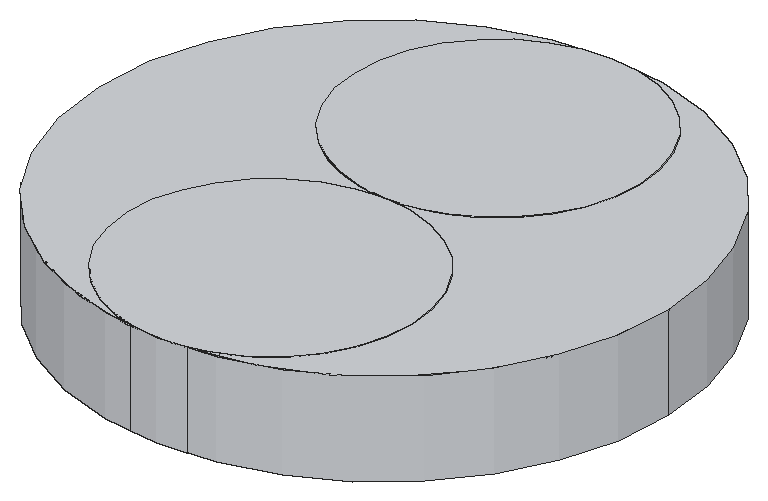
Revit family "電線管用ファミリ(片側のみ)_30", category Electrical Fixtures, Revit 2022
Family settings
  Round Connector Dimension = Use Diameter
  Part Type = Normal
  OmniClass Number = 23.80.00.00
  OmniClass Title = Electric Power and Lighting
  Work Plane-Based = No
  Always vertical = Yes
  Cut with Voids When Loaded = No
  Maintain Annotation Orientation = Yes
  Shared = No
  Room Calculation Point = No
Parameters
  コネクタ直径 [instance] = 16 mm
  W [instance] = 300 mm
  Diameter = 150 mm
  Default Elevation = 0 mm
  D [instance] = 300 mm
Reference planes
  plane 1 "Center (Front/Back)": y = 0
  plane 2: z = 0
  plane 3 "Center (Left/Right)": x = 0
  plane 4: x = -150
  plane 5: x = 150
  plane 6: y = 150
  plane 7: y = -150
  plane 8: z = 50
  plane 9: y = 75
  plane 10: y = -75
Forms (mm)
  Extrusion 1, solid
    sketch origin (0, 0, 0) x (1, 0, 0) y (0, 1, 0)
      loop
        circle (0, 0) r 150
    from 0 to 50
  Extrusion 2, solid
    sketch origin (0, 0, 0) x (1, 0, 0) y (0, 1, 0)
      loop
        circle (0, 75) r 75
    from 0 to 50
  Extrusion 3, solid
    sketch origin (0, 0, 0) x (1, 0, 0) y (0, 1, 0)
      loop
        circle (0, -75) r 75
    from 0 to 50
Dimensions and locks
  equal spacing: plane 4, plane 3 "Center (Left/Right)", plane 5
  "W": plane 4 to plane 5
  equal spacing: plane 6, plane 1 "Center (Front/Back)", plane 7
  "D": plane 6 to plane 7
  equal spacing: plane 9, plane 1 "Center (Front/Back)", plane 10
  "Diameter": plane 9 to plane 10
  aligned and locked: level to plane 2
  aligned and locked: plane 8 to Extrusion 1
  aligned and locked: plane 8 to Extrusion 2
  aligned and locked: plane 8 to Extrusion 3
Automatic sketch dimensions
  plane 1 "Center (Front/Back)" to Extrusion 1 sketch curve = 0 mm
  Extrusion 1 sketch curve to plane 3 "Center (Left/Right)" = 0 mm
  Extrusion 2 sketch curve to plane 3 "Center (Left/Right)" = 0 mm
  Extrusion 2 sketch curve to plane 9 = 0 mm
  Extrusion 3 sketch curve to plane 3 "Center (Left/Right)" = 0 mm
  Extrusion 3 sketch curve to plane 10 = 0 mm
  radius of Extrusion 1 sketch curve = 150 mm
  radius of Extrusion 2 sketch curve = 75 mm
  radius of Extrusion 3 sketch curve = 75 mm
Connectors
  cabletrayconduit at (0, 0, 50), diameter 16
    settings: on Extrusion 1, index 1, connector width 300 mm, connector height 300 mm, connector angle 0.00°, system type 32, placement type 0, profile type 0, connector reference index -1, is primary connector yes, connector utility param no, connector description ""
